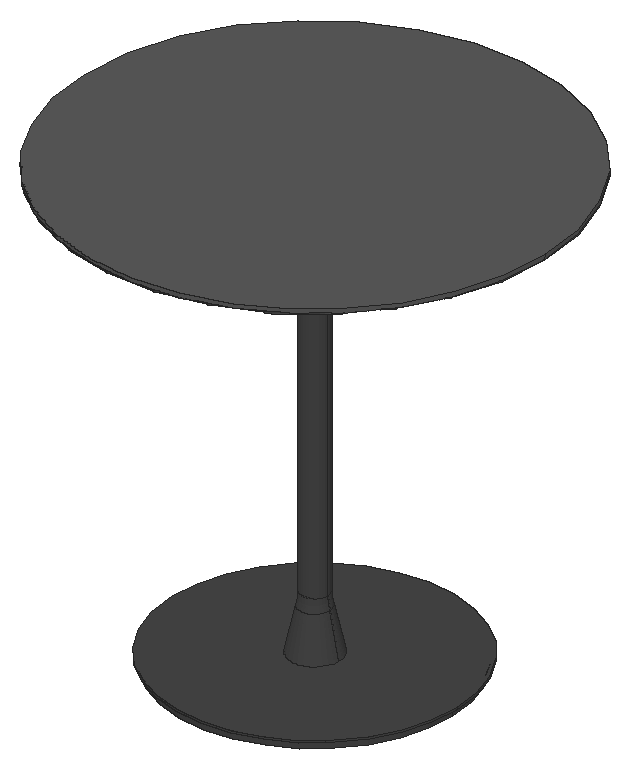
Revit family "NBS_Allermuir_OffcTbls-en-us-FortySeven_DiningHeightTables", category Furniture, Revit 2018
Family settings
  Work Plane-Based = No
  Always vertical = Yes
  Cut with Voids When Loaded = No
  Shared = No
  Room Calculation Point = No
Parameters (values of type "FortySeven_DiningHeightTable_FRSD30RD")
  WorksurfaceArea = 0.00 m²
  WarrantyStartDate [instance] = "1900-12-31T23:59:59"
  WarrantyGuarantorParts = "sales@allermuir.com"
  WarrantyGuarantorLabor = "n/a"
  WarrantyDurationUnit = "year"
  WarrantyDurationParts = "10"
  WarrantyDurationLabor = "n/a"
  WarrantyDescription = "Allermuir warrant that its manufactured products are free from manufacturing defects - in materials or workmanship - for a period of ten (10) years. , Allermuir will repair, or replace (at Allermuir's sole discretion) with comparable free of charge materials / components, any product / component which fails under normal use in a single shift environment, as a result of a defect in the materials and/ or workmanship"
  Version = "1"  # constant formula
  Uniclass2015Version = "Products v1.15"
  Uniclass2015Title = "Dining tables"
  Uniclass2015Code = "Pr_40_50_21_22"
  TagNumber [instance] = "n/a"
  TableTopMaterial = NBS_Allermuir_LaminateFacedMDF_Black
  TableTopCornerRadiusOffset = 3.07087" + (TableTopWidth - 23.62205") / 50  # 3.19843"
  TableHeight = 29"  # constant formula
  TableTopWidth = 30"
  TableBaseMaterial = NBS_Allermuir_Steel_BlackPowderCoat
  SustainabilityPerformance = "13.50% recyclable"
  Style = "Table"
  Status = "UNSET"
  Size = "30 x 29\""
  Shape = "Circular"
  SerialNumber [instance] = "n/a"
  Revision = "n/a"
  ReplacementCost = "n/a"
  Reference = "n/a"
  ProductInformation = "https://www.allermuir.com/products/tables-storage/fortyseven"
  OmniClassVersion = "Table 22 2012-05-16"
  OmniClassTitle = "Dining Tables and Chairs"
  OmniClassCode = "22-12 58 19"
  NumberOfChairs = 0
  NominalWidth = TableTopWidth  # 30"
  NominalLength = TableTopWidth  # 30"
  NominalHeight = TableHeight  # 29"
  NominalDepth = TableTopWidth  # 30"
  Name = "OfficeTables_FRSD30RD_FortySeven_Allermuir"
  NBSReference = "45-35-20/340"
  NBSDescription = "Office tables"
  NBSCertification = "www.nationalbimlibrary.com/cert/yluu2itc"
  ModelReference = "FortySeven_DiningHeightTables"
  ModelNumber = "FRSD30RD"
  Material = "Plastic, Wood, Steel"
  ManufacturerURL = "www.allermuir.com"
  ManufacturerName = "Allermuir"  # constant formula
  Manufacturer = "sales@allermuir.com"
  MainColor = "n/a"
  IsSquare = no
  IsRound = yes
  IsBuiltIn = no
  InstallationDate [instance] = "1900-12-31T23:59:59"
  IfcExportType = "TABLE"  # constant formula
  IfcExportAs = "IfcFurnitureType"  # constant formula
  Grade = "n/a"
  Finish = "Black, white, stone"
  Features = "1” laminate faced MDF core top with a clear finish edge profile, 1” TFL top, Steel pedestal base finished in Black powder coat, Plastic glides with levelling adjustment, Table edge profile can be stained, Steel pedestal base available in White or Stone powder coat"
  ExpectedLife = "10"
  EdgeProfile = "47"
  DurationUnit = "year"
  Description = "Work lounge round table"
  Constituents = "n/a"
  Color = "n/a"
  CodePerformance = "n/a"
  Category = "Pr_40_50_21_22:Dining tables"
  BarCode [instance] = "n/a"
  BIMObjectName = "NBS_Allermuir_OfficeTables_FortySeven_DiningHeightTable_FRSD30RD"
  Author = "NBS"  # constant formula
  AssetType = "Movable"
  AssetIdentifier [instance] = "n/a"
  AccessibilityPerformance = "n/a"
  AGradeLaminateRange = "860"
Types (7): name | TableTopCornerRadiusOffset | TableTopWidth | Size | Shape | NominalWidth | NominalLength | NominalDepth | Name | ModelNumber | IsSquare | IsRound | Description | BIMObjectName | AGradeLaminateRange
  (no name) | 3.07843" | 24" | "24 x 29\"" | "Circular" | 24" | 24" | 24" | "OfficeTables_FRSD24RD_FortySeven_Allermuir" | "FRSD24RD" | no | yes | "Work lounge round table" | "NBS_Allermuir_OfficeTables_FortySeven_DiningHeightTable_FRSD24RD" | "805"
  FortySeven_DiningHeightTable_FRSD24RD | 3.07843" | 24" | "24 x 29\"" | "Circular" | 24" | 24" | 24" | "OfficeTables_FRSD24RD_FortySeven_Allermuir" | "FRSD24RD" | no | yes | "Work lounge round table" | "NBS_Allermuir_OfficeTables_FortySeven_DiningHeightTable_FRSD24RD" | "805"
  FortySeven_DiningHeightTable_FRSD30RD | 3.19843" | 30" | "30 x 29\"" | "Circular" | 30" | 30" | 30" | "OfficeTables_FRSD30RD_FortySeven_Allermuir" | "FRSD30RD" | no | yes | "Work lounge round table" | "NBS_Allermuir_OfficeTables_FortySeven_DiningHeightTable_FRSD30RD" | "860"
  FortySeven_DiningHeightTable_FRSD36RD | 3.31843" | 36" | "36 x 29\"" | "Circular" | 36" | 36" | 36" | "OfficeTables_FRSD36RD_FortySeven_Allermuir" | "FRSD36RD" | no | yes | "Work lounge round table" | "NBS_Allermuir_OfficeTables_FortySeven_DiningHeightTable_FRSD36RD" | "975"
  FortySeven_DiningHeightTable_FRSD24SQ | 3.07843" | 24" | "24 x 24 x 29\"" | "Square" | 24" | 24" | 24" | "OfficeTables_FRSD24SQ_FortySeven_Allermuir" | "FRSD24SQ" | yes | no | "Work lounge square table" | "NBS_Allermuir_OfficeTables_FortySeven_DiningHeightTable_FRSD24SQ" | "825"
  FortySeven_DiningHeightTable_FRSD30SQ | 3.19843" | 30" | "30 x 30 x 29\"" | "Square" | 30" | 30" | 30" | "OfficeTables_FRSD30SQ_FortySeven_Allermuir" | "FRSD30SQ" | yes | no | "Work lounge square table" | "NBS_Allermuir_OfficeTables_FortySeven_DiningHeightTable_FRSD30SQ" | "880"
  FortySeven_DiningHeightTable_KRSD36SQ | 3.31843" | 36" | "36 x 36 x 29\"" | "Square" | 36" | 36" | 36" | "OfficeTables_KRSD36SQ_FortySeven_Allermuir" | "KRSD36SQ" | yes | no | "Work lounge square table" | "NBS_Allermuir_OfficeTables_FortySeven_DiningHeightTable_KRSD36SQ" | "995"
Reference planes (in)
  plane 1 "Center (Front/Back)": y = 0
  plane 2: z = 0
  plane 3 "Center (Left/Right)": x = 0
  plane 4 "Left": x = -15
  plane 5 "Front": y = -15
  plane 6 "Right": x = 15
  plane 7 "Back": y = 15
  plane 8 "Top": z = 29
  plane 9: x = -45
  plane 10: y = 45
  plane 11: y = -45
  plane 12: x = 45
Forms (in)
  Sweep 1, solid, material "NBS_Allermuir_LaminateFacedMDF_Black" <- "TableTopMaterial", visible <- "IsSquare", detail levels medium+fine
    path origin (0, 0, 29) x (-1, 0, 0) y (0, -1, 0)
      loop
        arc (14.75469, -11.92314) -> (15, 0) -> (14.75469, 11.92314) r 289.88189
        arc (14.75469, 11.92314) -> (13.89151, 13.89151) -> (11.92314, 14.75469) r 2.95562
        arc (11.92314, 14.75469) -> (0, 15) -> (-11.92314, 14.75469) r 289.88189
        arc (-11.92314, 14.75469) -> (-13.89151, 13.89151) -> (-14.75469, 11.92314) r 2.95562
        arc (-14.75469, 11.92314) -> (-15, 0) -> (-14.75469, -11.92314) r 289.88189
        arc (-14.75469, -11.92314) -> (-13.89151, -13.89151) -> (-11.92314, -14.75469) r 2.95562
        arc (-11.92314, -14.75469) -> (0, -15) -> (11.92314, -14.75469) r 289.88189
        arc (11.92314, -14.75469) -> (13.89151, -13.89151) -> (14.75469, -11.92314) r 2.95562
    profile origin (-15, 0, 29) x (1, 0, 0) y (0, 0, 1)
      loop
        line (0, 0) -> (0, -0.25658)
        arc (0, -0.25658) -> (0.01549, -0.30347) -> (0.05587, -0.33192) r 0.07874
        line (0.05587, -0.33192) -> (2.20472, -0.98425) -> (2.59843, -0.98425) -> (2.59843, 0) -> (0, 0)
  Extrusion 2, solid, material "NBS_Allermuir_LaminateFacedMDF_Black" <- "TableTopMaterial", visible <- "IsSquare", detail levels medium+fine
    sketch origin (0, 0, 29) x (-1, 0, 0) y (0, -1, 0)
      loop
        arc (12.15846, -11.81627) -> (12.40157, 0) -> (12.15846, 11.81627) r 287.28346
        arc (12.15846, 11.81627) -> (12.05415, 12.05415) -> (11.81627, 12.15846) r 0.35719
        arc (11.81627, 12.15846) -> (0, 12.40157) -> (-11.81627, 12.15846) r 287.28346
        arc (-11.81627, 12.15846) -> (-12.05415, 12.05415) -> (-12.15846, 11.81627) r 0.35719
        arc (-12.15846, 11.81627) -> (-12.40157, 0) -> (-12.15846, -11.81627) r 287.28346
        arc (-12.15846, -11.81627) -> (-12.05415, -12.05415) -> (-11.81627, -12.15846) r 0.35719
        arc (-11.81627, -12.15846) -> (0, -12.40157) -> (11.81627, -12.15846) r 287.28346
        arc (11.81627, -12.15846) -> (12.05415, -12.05415) -> (12.15846, -11.81627) r 0.35719
    from 0 to -0.98425
  Extrusion 3, solid, material "NBS_Allermuir_LaminateFacedMDF_Black" <- "TableTopMaterial", visible <- "IsSquare", detail levels coarse
    sketch origin (0, 0, 29) x (-1, 0, 0) y (0, -1, 0)
      loop
        line (15, -15) -> (15, 15) -> (-15, 15) -> (-15, -15) -> (15, -15)
    from 0 to -0.98425
  Sweep 4, void
    path origin (0, 0, 29) x (-1, 0, 0) y (0, -1, 0)
      loop
        circle (0, 0) r 15
    profile origin (0, -15, 29) x (0, 1, 0) y (0, 0, 1)
      loop
        line (0, -0.25658) -> (0, -0.98425) -> (2.20472, -0.98425) -> (0.05587, -0.33192)
        arc (0.05587, -0.33192) -> (0.01549, -0.30347) -> (0, -0.25658) r 0.07874
  Extrusion 5, solid, material "NBS_Allermuir_LaminateFacedMDF_Black" <- "TableTopMaterial", visible <- "IsRound", detail levels medium+fine
    sketch origin (0, 0, 29) x (-1, 0, 0) y (0, -1, 0)
      loop
        circle (0, 0) r 15
    from 0 to -0.98425
  Extrusion 6, solid, material "NBS_Allermuir_LaminateFacedMDF_Black" <- "TableTopMaterial", visible <- "IsRound", detail levels coarse
    sketch origin (0, 0, 29) x (-1, 0, 0) y (0, -1, 0)
      loop
        circle (0, 0) r 15
    from 0 to -0.98425
  Extrusion 7, solid, material "NBS_Allermuir_Steel_BlackPowderCoat" <- "TableBaseMaterial", detail levels fine
    sketch origin (0, 0, 29) x (-1, 0, 0) y (0, -1, 0)
      loop
        arc (-6.88976, -3.54331) -> (-5.90961, -5.90961) -> (-3.54331, -6.88976) r 3.34646
        line (-3.54331, -6.88976) -> (3.54331, -6.88976)
        arc (3.54331, -6.88976) -> (5.90961, -5.90961) -> (6.88976, -3.54331) r 3.34646
        line (6.88976, -3.54331) -> (6.88976, 3.54331)
        arc (6.88976, 3.54331) -> (5.90961, 5.90961) -> (3.54331, 6.88976) r 3.34646
        line (3.54331, 6.88976) -> (-3.54331, 6.88976)
        arc (-3.54331, 6.88976) -> (-5.90961, 5.90961) -> (-6.88976, 3.54331) r 3.34646
        line (-6.88976, 3.54331) -> (-6.88976, -3.54331)
    from -0.98425 to -1.1811
  Revolve 8, solid, material "NBS_Allermuir_Steel_BlackPowderCoat" <- "TableBaseMaterial"
    sketch origin (0, 0, 0) x (1, 0, 0) y (0, 0, 1)
      loop
        line (0, 0.59055) -> (1.5748, 0.59055) -> (0.96217, 3.31338)
        arc (0.96217, 3.31338) -> (0.89022, 3.74283) -> (0.86614, 4.1776) r 3.93701
        line (0.86614, 4.1776) -> (0.86614, 28.01575) -> (0, 28.01575) -> (0, 0.59055)
      axis (0, 28.01575) -> (0, 0.59055)
    angle from 0 to 360
  Extrusion 9, solid, material "NBS_Allermuir_Steel_BlackPowderCoat" <- "TableBaseMaterial", visible <- "IsRound", detail levels fine
    sketch origin (0, 0, 0) x (1, 0, 0) y (0, 1, 0)
      loop
        circle (0, 0) r 9.01575
    from 0 to 0.47244
  Extrusion 10, solid, material "NBS_Allermuir_Steel_BlackPowderCoat" <- "TableBaseMaterial", visible <- "IsRound", detail levels fine
    sketch origin (0, 0, 0) x (1, 0, 0) y (0, 1, 0)
      loop
        circle (0, 0) r 9.25197
    from 0.47244 to 0.59055
  Extrusion 11, solid, material "NBS_Allermuir_Steel_BlackPowderCoat" <- "TableBaseMaterial", visible <- "IsRound", detail levels coarse+medium
    sketch origin (0, 0, 0) x (1, 0, 0) y (0, 1, 0)
      loop
        circle (0, 0) r 9.25197
    from 0 to 0.59055
  Extrusion 12, solid, material "NBS_Allermuir_Steel_BlackPowderCoat" <- "TableBaseMaterial", visible <- "IsSquare", detail levels fine
    sketch origin (0, 0, 0) x (1, 0, 0) y (0, 1, 0)
      loop
        arc (9.29134, 7.71654) -> (8.83009, 8.83009) -> (7.71654, 9.29134) r 1.5748
        line (7.71654, 9.29134) -> (-7.71654, 9.29134)
        arc (-7.71654, 9.29134) -> (-8.83009, 8.83009) -> (-9.29134, 7.71654) r 1.5748
        line (-9.29134, 7.71654) -> (-9.29134, -7.71654)
        arc (-9.29134, -7.71654) -> (-8.83009, -8.83009) -> (-7.71654, -9.29134) r 1.5748
        line (-7.71654, -9.29134) -> (7.71654, -9.29134)
        arc (7.71654, -9.29134) -> (8.83009, -8.83009) -> (9.29134, -7.71654) r 1.5748
        line (9.29134, -7.71654) -> (9.29134, 7.71654)
    from 0.47244 to 0.59055
  Extrusion 13, solid, material "NBS_Allermuir_Steel_BlackPowderCoat" <- "TableBaseMaterial", visible <- "IsSquare", detail levels fine
    sketch origin (0, 0, 0) x (1, 0, 0) y (0, 1, 0)
      loop
        line (-9.05512, 7.71654) -> (-9.05512, -7.71654)
        arc (-9.05512, -7.71654) -> (-8.66306, -8.66306) -> (-7.71654, -9.05512) r 1.33858
        line (-7.71654, -9.05512) -> (7.71654, -9.05512)
        arc (7.71654, -9.05512) -> (8.66306, -8.66306) -> (9.05512, -7.71654) r 1.33858
        line (9.05512, -7.71654) -> (9.05512, 7.71654)
        arc (9.05512, 7.71654) -> (8.66306, 8.66306) -> (7.71654, 9.05512) r 1.33858
        line (7.71654, 9.05512) -> (-7.71654, 9.05512)
        arc (-7.71654, 9.05512) -> (-8.66306, 8.66306) -> (-9.05512, 7.71654) r 1.33858
    from 0 to 0.47244
  Extrusion 14, solid, material "NBS_Allermuir_Steel_BlackPowderCoat" <- "TableBaseMaterial", visible <- "IsSquare", detail levels medium
    sketch origin (0, 0, 0) x (1, 0, 0) y (0, 1, 0)
      loop
        line (-9.29134, 7.71654) -> (-9.29134, -7.71654)
        arc (-9.29134, -7.71654) -> (-8.83009, -8.83009) -> (-7.71654, -9.29134) r 1.5748
        line (-7.71654, -9.29134) -> (7.71654, -9.29134)
        arc (7.71654, -9.29134) -> (8.83009, -8.83009) -> (9.29134, -7.71654) r 1.5748
        line (9.29134, -7.71654) -> (9.29134, 7.71654)
        arc (9.29134, 7.71654) -> (8.83009, 8.83009) -> (7.71654, 9.29134) r 1.5748
        line (7.71654, 9.29134) -> (-7.71654, 9.29134)
        arc (-7.71654, 9.29134) -> (-8.83009, 8.83009) -> (-9.29134, 7.71654) r 1.5748
    from 0 to 0.59055
  Extrusion 15, solid, material "NBS_Allermuir_Steel_BlackPowderCoat" <- "TableBaseMaterial", visible <- "IsSquare", detail levels coarse
    sketch origin (0, 0, 0) x (1, 0, 0) y (0, 1, 0)
      loop
        line (-9.29134, 9.29134) -> (-9.29134, -9.29134) -> (9.29134, -9.29134) -> (9.29134, 9.29134) -> (-9.29134, 9.29134)
    from 0 to 0.59055
Cuts and joins
  joined: Sweep 1, Extrusion 2
  Sweep 4 cuts Extrusion 5
Dimensions and locks (in)
  equal spacing: plane 7 "Back", plane 1 "Center (Front/Back)", plane 5 "Front"
  equal spacing: plane 4 "Left", plane 3 "Center (Left/Right)", plane 6 "Right"
  "TableTopWidth": plane 4 "Left" to plane 6 "Right"
  "TableTopWidth": plane 7 "Back" to plane 5 "Front"
  "TableHeight": plane 8 "Top" to plane 2
  locked: plane 4 "Left" to Sweep 1 sketch curve at 0
  locked: plane 7 "Back" to Sweep 1 sketch curve at 0
  locked: plane 5 "Front" to Sweep 1 sketch curve at 0
  locked: plane 6 "Right" to Sweep 1 sketch curve at 0
  "TableTopWidth": plane 9 to plane 4 "Left"
  locked: plane 9 to Sweep 1 sketch curve at 319.88189
  "TableTopWidth": plane 7 "Back" to plane 10
  "TableTopWidth": plane 6 "Right" to plane 12
  "TableTopWidth": plane 5 "Front" to plane 11
  locked: plane 10 to Sweep 1 sketch curve at 319.88189
  locked: Sweep 1 sketch curve to plane 12 at 319.88189
  locked: Sweep 1 sketch curve to plane 11 at 319.88189
  "TableTopCornerRadiusOffset": Sweep 1 sketch curve to plane 7 "Back"  (x2)
  "TableTopCornerRadiusOffset": Sweep 1 sketch curve to plane 6 "Right"  (x2)
  "TableTopCornerRadiusOffset": Sweep 1 sketch curve to plane 5 "Front"  (x2)
  "TableTopCornerRadiusOffset": plane 4 "Left" to Sweep 1 sketch curve  (x2)
  Extrusion 7 sketch curve to plane 1 "Center (Front/Back)" to Extrusion 7 sketch curve = 6.88976" locked, 6.88976" locked
  Extrusion 7 sketch curve to plane 3 "Center (Left/Right)" to Extrusion 7 sketch curve = 6.88976" locked, 6.88976" locked
  locked: Revolve 8 sketch curve to plane 3 "Center (Left/Right)" at 0.86614
  locked: plane 8 "Top" to Revolve 8 sketch curve at 0.98425
  locked: Revolve 8 sketch curve to plane 2 at 0.59055
  Extrusion 15 sketch curve to plane 3 "Center (Left/Right)" to Extrusion 15 sketch curve = 9.29134" locked, 9.29134" locked
  Extrusion 15 sketch curve to plane 1 "Center (Front/Back)" to Extrusion 15 sketch curve = 9.29134" locked, 9.29134" locked
  Extrusion 14 sketch curve to plane 1 "Center (Front/Back)" to Extrusion 14 sketch curve = 9.29134" locked, 9.29134" locked
  Extrusion 14 sketch curve to plane 3 "Center (Left/Right)" to Extrusion 14 sketch curve = 9.29134" locked, 9.29134" locked
  Extrusion 13 sketch curve to plane 1 "Center (Front/Back)" to Extrusion 13 sketch curve = 9.05512" locked, 9.05512" locked
  Extrusion 13 sketch curve to plane 3 "Center (Left/Right)" to Extrusion 13 sketch curve = 9.05512" locked, 9.05512" locked
  Extrusion 12 sketch curve to plane 3 "Center (Left/Right)" to Extrusion 12 sketch curve = 9.29134" locked, 9.29134" locked
  Extrusion 12 sketch curve to plane 1 "Center (Front/Back)" to Extrusion 12 sketch curve = 9.29134" locked, 9.29134" locked
  "TableTopWidth": diameter of Sweep 4 sketch curve
  "TableTopWidth": diameter of Extrusion 5 sketch curve
  "TableTopWidth": diameter of Extrusion 6 sketch curve
  aligned and locked: level to plane 2
  aligned and locked: plane 1 "Center (Front/Back)" to Sweep 1 sketch curve
  aligned and locked: Extrusion 2 sketch curve to Sweep 1  (x8)
  aligned and locked: Extrusion 3 sketch curve to plane 4 "Left"
  aligned and locked: plane 7 "Back" to Extrusion 3 sketch curve
  aligned and locked: plane 6 "Right" to Extrusion 3 sketch curve
  aligned and locked: Extrusion 3 sketch curve to plane 5 "Front"
  aligned and locked: plane 1 "Center (Front/Back)" to Sweep 4 sketch curve
  aligned and locked: plane 3 "Center (Left/Right)" to Sweep 4 sketch curve
  aligned and locked: plane 1 "Center (Front/Back)" to Extrusion 5 sketch curve
  aligned and locked: plane 3 "Center (Left/Right)" to Extrusion 5 sketch curve
  aligned and locked: plane 1 "Center (Front/Back)" to Extrusion 6 sketch curve
  aligned and locked: plane 3 "Center (Left/Right)" to Extrusion 6 sketch curve
  aligned and locked: plane 3 "Center (Left/Right)" to Revolve 8 sketch curve
  aligned and locked: Revolve 8 sketch curve to plane 3 "Center (Left/Right)"
Automatic sketch dimensions
  profile plane to Sweep 1 sketch curve = 0"
  Sweep 1 sketch curve to profile plane = 0.05587"
  Sweep 1 sketch curve to Sweep 1 sketch curve = 0.02287"
  Sweep 1 sketch curve to plane 8 "Top" = 0.98425"
  Sweep 1 sketch curve to profile plane = 2.20472"
  Sweep 1 sketch curve to plane 8 "Top" = 0.33192"
  Sweep 1 sketch curve to Sweep 1 sketch curve = 0.3937"
  Sweep 1 sketch curve to plane 8 "Top" = 0"
  Sweep 4 sketch curve to Sweep 4 sketch curve = 0.05587"
  Sweep 4 sketch curve to Sweep 4 sketch curve = 0.02287"
  Sweep 4 sketch curve to profile plane = 2.20472"
  Sweep 4 sketch curve to Sweep 4 sketch curve = 0.65233"
  Sweep 4 sketch curve to plane 8 "Top" = 0.98425"
  Sweep 4 sketch curve to plane 8 "Top" = 0.25658"
  Sweep 4 sketch curve to profile plane = 0"  (x2)
  plane 3 "Center (Left/Right)" to Extrusion 7 sketch curve = 3.54331"
  Extrusion 7 sketch curve to Extrusion 7 sketch curve = 3.34646"  (x2)
  plane 1 "Center (Front/Back)" to Extrusion 7 sketch curve = 3.54331"
  Revolve 8 sketch curve to Revolve 8 sketch curve = 0.09602"
  plane 3 "Center (Left/Right)" to Revolve 8 sketch curve = 1.5748"
  Revolve 8 sketch curve to Revolve 8 sketch curve = 0.86422"
  Revolve 8 sketch curve to level = 17.3423"
  plane 8 "Top" to Revolve 8 sketch curve = 63.67774"
  plane 1 "Center (Front/Back)" to Extrusion 9 sketch curve = 0"
  Extrusion 9 sketch curve to plane 3 "Center (Left/Right)" = 0"
  plane 1 "Center (Front/Back)" to Extrusion 10 sketch curve = 0"
  Extrusion 10 sketch curve to plane 3 "Center (Left/Right)" = 0"
  plane 1 "Center (Front/Back)" to Extrusion 11 sketch curve = 0"
  Extrusion 11 sketch curve to plane 3 "Center (Left/Right)" = 0"
  Extrusion 12 sketch curve to Extrusion 12 sketch curve = 1.5748"  (x4)
  Extrusion 13 sketch curve to Extrusion 13 sketch curve = 1.33858"  (x4)
  Extrusion 14 sketch curve to Extrusion 14 sketch curve = 1.5748"  (x4)
  Sweep 1 sketch curve to plane 3 "Center (Left/Right)" = 0"  (x2)
  Sweep 1 sketch curve to plane 1 "Center (Front/Back)" = 0"
  Sweep 1 sketch curve to Sweep 1 sketch curve = 0"  (x4)
  radius of Extrusion 9 sketch curve = 9.01575"
  radius of Extrusion 10 sketch curve = 9.25197"
  radius of Extrusion 11 sketch curve = 9.25197"
